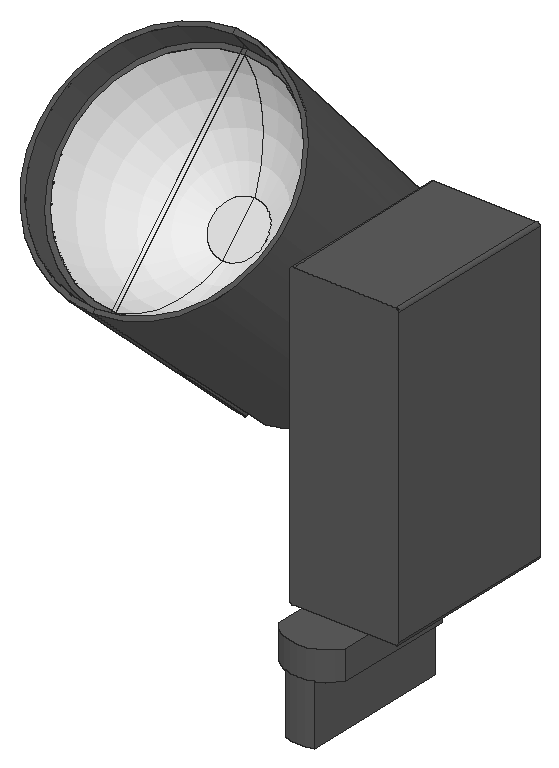
Revit family "0004857 Feilo Sylvania Lighting Fixture START TRACK SPOT L 55W 4K RA80 MB BLACK", category Lighting Fixtures, host Face, Revit 2017 (continued)
Definition of nested family "Start Track Spot Head"
  Types (96, lengths in mm): name | Wattage | built-in parameter 1150134 | Photometric Web File | Model | built-in parameter 1150105 | Lumens | built-in parameter 1150107 | built-in parameter 1150106 | HeadThickness_FEILO | HeadRibOffset_FEILO | HeadRibDepth_FEILO | HeadRibCutWidth_FEILO | HeadRibCutOffset_FEILO | HeadReflectorRadius_FEILO | HeadReflectorOffset_FEILO | HeadLEDRadius_FEILO | HeadHeight_FEILO | HeadDiffusorOffset_FEILO | HeadDiaOut_FEILO | HeadDiaIn_FEILO | HeadAxisFromTop_FEILO | Emit from Circle Diameter | built-in parameter 1150104 | Description | Apparent Load
    0004812 START TRACK SPOT S 14W 3K RA80 MB WHITE | 14 W | (empty or 0) | "0004812.ies" | "START TRACK SPOT S 14W 3K RA80 MB WHITE" | 120.32 (stored number, unit not read) | 1512 lm | 3000 (stored number, unit not read) | 1.2032 (stored number, unit not read) | 1.5 | 4.179 | 55.714 | 7.167 | 50.87 | 50.588 | 55.714 | 9.556 | 117 | 9.435 | 86 | 77.477 | 69.354 | 77.477 | 10.034 (stored number, unit not read) | "Integrated LED spotlight, Textured White - RAL9016, compact and minimalist design, ideal for retail applications, die-cast aluminium body, passive cooling heatsink. Beam angle: 36°, color temperature: 3000K , total system power: 14W, total fixture output: 1508 lm, LOR: 100%, colour rendering: Ra: 80 typical, LED Chromaticity: 3 step MacAdam ellipse, lifetime: >50000 hours at L70B50, energy class: A++, A+, A, IR/UV free light source without heat radiation, operating voltage: 220-240V / 50-60Hz, drive current: 350mA, electronic driver, non-dimmable, power factor: 0.92, electrical protection: Class II, Global Track 3 Phase adapter suitable for Global trac 3-circuit tracks, ingress protection rating: IP20, suitable for internal environment only, horizontal rotation: 355°, vertical tilt: 90°, dimensions: Ø86x140x200, weight: 0.940kg." | 14 VA
    0004811 START TRACK SPOT S 14W 3K RA80 NB WHITE | 14 W | (empty or 0) | "0004811.ies" | "START TRACK SPOT S 14W 3K RA80 NB WHITE" | 123.66 (stored number, unit not read) | 1554 lm | 3000 (stored number, unit not read) | 1.2366 (stored number, unit not read) | 1.5 | 4.179 | 55.714 | 7.167 | 50.87 | 50.588 | 55.714 | 9.556 | 117 | 9.435 | 86 | 77.477 | 69.354 | 77.477 | 10.312 (stored number, unit not read) | "Integrated LED spotlight, Textured White - RAL9016, compact and minimalist design, ideal for retail applications, die-cast aluminium body, passive cooling heatsink. Beam angle: 12°, color temperature: 3000K , total system power: 14W, total fixture output: 1551 lm, LOR: 100%, colour rendering: Ra: 80 typical, LED Chromaticity: 3 step MacAdam ellipse, lifetime: >50000 hours at L70B50, energy class: A++, A+, A, IR/UV free light source without heat radiation, operating voltage: 220-240V / 50-60Hz, drive current: 350mA, electronic driver, non-dimmable, power factor: 0.92, electrical protection: Class II, Global Track 3 Phase adapter suitable for Global trac 3-circuit tracks, ingress protection rating: IP20, suitable for internal environment only, horizontal rotation: 355°, vertical tilt: 90°, dimensions: Ø86x140x200, weight: 0.940kg." | 14 VA
  Reference planes
    plane 1 "Center (Front/Back)": y = 0
    plane 2: z = 0
    plane 3 "Center (Left/Right)": x = 0
    plane 4: x = 43
    plane 5: x = -43
    plane 6: x = -38.739
    plane 7: x = 38.739
    plane 8: z = 69.354
    plane 9: z = -47.646
    plane 10: x = -41.5
    plane 11: x = -37.239
    plane 12: z = -38.211
    plane 13: z = -35.211
    plane 14: z = 8.068
    plane 15: x = -9.556
    plane 16: x = -28.667
    plane 17: x = -19.111
    plane 18: x = -27.167
    plane 19: x = -17.611
    plane 20: x = -8.056
    plane 21: z = 13.64
    plane 22: x = -29.667
    plane 23: x = -26.167
    plane 24: x = -20.111
    plane 25: x = -16.611
    plane 26: x = -10.556
    plane 27: x = -7.056
    plane 28: x = -36.239
    plane 29: x = -40.5
    plane 30: z = 65.175
    plane 31: z = 60.997
    plane 32: z = 56.818
    plane 33: z = 18.484
    plane 34: y = -43
    plane 35: y = 43
    plane 36: y = 3.583
    plane 37: y = -3.583
    plane 38: y = -2.583
    plane 39: y = 2.583
    plane 40: y = 46
    plane 41: z = 13.5
    plane 42: z = -13.5
    plane 43: y = 39
    plane 44: x = 4.708
    plane 45: x = -2.458
    plane 46: x = -1.458
    plane 47: x = 1.458
  Forms (mm)
    Extrusion 1, solid
      sketch origin (4.2, 0, 0) x (1, 0, 0) y (0, 1, 0)
        loop
          line (-1219.2, 1219.2) -> (-1219.2, -1219.2) -> (1219.2, -1219.2) -> (1219.2, 1219.2) -> (-1219.2, 1219.2)
      from 0 to -68.017
    Revolve 2, solid, material <- "Material_1_FEILO", detail levels medium+fine
      sketch origin (0, 0, 0) x (1, 0, 0) y (0, 0, 1)
        loop
          line (-43, -47.646) -> (-41.5, -47.646) -> (-40.5, -35.211) -> (-38.739, -35.211)
          arc (-38.739, -35.211) -> (-30.16, -9.517) -> (-9.556, 8.068) r 50.588
          line (-9.556, 8.068) -> (0, 8.068) -> (0, 13.64) -> (-16.611, 13.64) -> (-17.611, 60.997) -> (-19.111, 60.997) -> (-20.111, 13.64) -> (-36.239, 13.64) -> (-37.239, 69.354) -> (-38.739, 69.354) -> (-43, -47.646)
        axis (0, 69.354) -> (0, -47.646)
      angle from 360 to 0
    Extrusion 3, void
      sketch origin (0, 0, 0) x (0, 1, 0) y (0, 0, 1)
        loop
          line (-3.583, 69.354) -> (-2.583, 18.484) -> (1.932, 18.484) -> (2.932, 69.354) -> (-3.583, 69.354)
      from 43 to -43
    Revolve 4, solid, material <- "Material_2_FEILO", detail levels medium+fine
      sketch origin (0, 0, 0) x (1, 0, 0) y (0, 0, 1)
        loop
          line (-41.5, -38.211) -> (0, -38.211) -> (0, -35.211) -> (-41.5, -35.211) -> (-41.5, -38.211)
        axis (0, -35.211) -> (0, -38.211)
      angle from 360 to 0
    Revolve 5, solid, material <- "Material_1_FEILO"
      sketch origin (0, 0, 0) x (0, 1, 0) y (0, 0, 1)
        loop
          line (46, 0) -> (39, 0) -> (39, -13.5) -> (46, -13.5) -> (46, 0)
        axis (39, 0) -> (46, 0)
      angle from 360 to 0
    Revolve 6, solid, material <- "Material_1_FEILO", detail levels medium+fine
      sketch origin (0, 0, 0) x (1, 0, 0) y (0, 0, 1)
        loop
          line (-29.667, 13.64) -> (-26.167, 13.64) -> (-27.167, 65.175) -> (-28.667, 65.175) -> (-29.667, 13.64)
        loop
          line (-10.556, 13.64) -> (-7.056, 13.64) -> (-7.833, 56.818) -> (-9.778, 56.818) -> (-10.556, 13.64)
        axis (0, 65.175) -> (0, 13.64)
      angle from 360 to 0
    Extrusion 7, void
      sketch origin (0, 0, 0) x (1, 0, 0) y (0, 0, 1)
        loop
          line (4.708, 69.354) -> (-2.458, 69.354) -> (-1.458, 13.64) -> (1.458, 13.64) -> (4.708, 69.354)
      from -43 to 43
    Revolve 8, solid, material <- "Material_1_FEILO", detail levels coarse
      sketch origin (0, 0, 0) x (1, 0, 0) y (0, 0, 1)
        loop
          line (0, 69.354) -> (-38.739, 69.354) -> (-43, -47.646) -> (-41.5, -47.646) -> (-40.731, -38.211) -> (0, -38.211) -> (0, 69.354)
        axis (0, 69.354) -> (0, -47.646)
      angle from 360 to 0
  Cuts and joins
    Extrusion 3 cuts Revolve 2
    Extrusion 7 cuts Revolve 6
  Dimensions and locks
    equal spacing: plane 7, plane 3 "Center (Left/Right)", plane 6
    equal spacing: plane 4, plane 3 "Center (Left/Right)", plane 5
    "HeadDiaOut_FEILO": plane 4 to plane 5
    "HeadDiaIn_FEILO": plane 7 to plane 6
    "HeadHeight_FEILO": plane 8 to plane 9
    "HeadThickness_FEILO": plane 10 to plane 5
    "HeadThickness_FEILO": plane 11 to plane 6
    "HeadDiffusorOffset_FEILO": plane 12 to plane 9
    "HeadDiffusorThickness_FEILO": plane 13 to plane 12
    "HeadReflectorOffset_FEILO": plane 14 to plane 9
    "HeadLEDRadius_FEILO": plane 3 "Center (Left/Right)" to plane 15
    "HeadLEDRadius_FEILO": plane 15 to plane 17
    "HeadLEDRadius_FEILO": plane 17 to plane 16
    "HeadThickness_FEILO": plane 18 to plane 16
    "HeadThickness_FEILO": plane 19 to plane 17
    "HeadThickness_FEILO": plane 20 to plane 15
    "HeadRibDepth_FEILO": plane 8 to plane 21
    "HeadDraft_FEILO": plane 16 to plane 22
    "HeadDraft_FEILO": plane 23 to plane 18
    "HeadDraft_FEILO": plane 17 to plane 24
    "HeadDraft_FEILO": plane 25 to plane 19
    "HeadDraft_FEILO": plane 15 to plane 26
    "HeadDraft_FEILO": plane 27 to plane 20
    "HeadDraft_FEILO": plane 29 to plane 10
    "HeadDraft_FEILO": plane 28 to plane 11
    "HeadRibOffset_FEILO": plane 8 to plane 30
    "HeadRibOffset_FEILO": plane 30 to plane 31
    "HeadRibOffset_FEILO": plane 31 to plane 32
    "HeadAxisFromTop_FEILO": plane 8 to plane 2
    "HeadRibCutOffset_FEILO": plane 8 to plane 33
    equal spacing: plane 34, plane 1 "Center (Front/Back)", plane 35
    "HeadDiaOut_FEILO": plane 34 to plane 35
    equal spacing: plane 38, plane 1 "Center (Front/Back)", plane 39
    equal spacing: plane 37, plane 1 "Center (Front/Back)", plane 36
    "HeadRibCutWidth_FEILO": plane 37 to plane 36
    "HeadDraft_FEILO": plane 37 to plane 38
    locked: plane 35 to plane 40 at 3
    equal spacing: plane 41, plane 2, plane 42
    locked: plane 42 to plane 41 at 27
    locked: plane 43 to plane 35 at 4
    equal spacing: plane 45, imposter light, plane 44
    "HeadDraft_FEILO": plane 46 to plane 45
    "HeadRibCutWidth_FEILO": plane 44 to plane 45
    equal spacing: plane 47, plane 3 "Center (Left/Right)", plane 46
    "HeadReflectorRadius_FEILO": radius of Revolve 2 sketch curve
    aligned and locked: plane 2 to Extrusion 1
    aligned and locked: level to Extrusion 1
    aligned and locked: Revolve 2 sketch curve to plane 3 "Center (Left/Right)"  (x2)
    aligned and locked: plane 9 to Revolve 2 sketch curve  (x2)
    aligned and locked: plane 5 to Revolve 2 sketch curve
    aligned and locked: plane 10 to Revolve 2 sketch curve
    aligned and locked: plane 14 to Revolve 2 sketch curve
    aligned and locked: plane 8 to Revolve 2 sketch curve
    aligned and locked: Revolve 2 sketch curve to plane 13
    aligned and locked: plane 12 to Revolve 4 sketch curve
    aligned and locked: plane 3 "Center (Left/Right)" to Revolve 4 sketch curve
    aligned and locked: Revolve 4 sketch curve to plane 10
    aligned and locked: Revolve 4 sketch curve to plane 3 "Center (Left/Right)"
    aligned and locked: plane 12 to imposter light
    aligned and locked: imposter light to plane 1 "Center (Front/Back)"
    aligned and locked: Revolve 5 sketch curve to plane 2
    aligned and locked: plane 43 to Revolve 5 sketch curve
    aligned and locked: plane 42 to Revolve 5 sketch curve
    aligned and locked: Revolve 6 sketch curve to plane 3 "Center (Left/Right)"
    aligned and locked: plane 22 to Revolve 6 sketch curve
    aligned and locked: plane 30 to Revolve 6 sketch curve
    aligned and locked: plane 23 to Revolve 6 sketch curve
    aligned and locked: Revolve 6 sketch curve to plane 21  (x2)
    aligned and locked: plane 21 to Revolve 6 sketch curve
    aligned and locked: plane 17 to Revolve 2 sketch curve
    aligned and locked: plane 19 to Revolve 2 sketch curve
    aligned and locked: plane 31 to Revolve 2 sketch curve
    aligned and locked: plane 21 to Revolve 2 sketch curve
    aligned and locked: Extrusion 3 to plane 8
    aligned and locked: plane 33 to Extrusion 3
    aligned and locked: plane 8 to Extrusion 3 sketch curve
    aligned and locked: Extrusion 3 sketch curve to plane 33
    aligned and locked: Extrusion 3 to plane 5
    aligned and locked: plane 4 to Extrusion 3
    aligned and locked: plane 32 to Revolve 6 sketch curve
    aligned and locked: plane 44 to Extrusion 7 sketch curve
    aligned and locked: Extrusion 7 sketch curve to plane 8
    aligned and locked: plane 46 to Extrusion 7 sketch curve
    aligned and locked: plane 21 to Extrusion 7 sketch curve
    aligned and locked: plane 34 to Extrusion 7
    aligned and locked: Extrusion 7 to plane 35
    aligned and locked: Revolve 4 sketch curve to plane 13
    aligned and locked: Revolve 5 sketch curve to plane 40
    aligned and locked: Revolve 8 sketch curve to plane 3 "Center (Left/Right)"
    aligned and locked: Revolve 8 sketch curve to cut or joined group of Revolve 2, Extrusion 3  (x3)
    aligned and locked: plane 5 to Revolve 8 sketch curve
    aligned and locked: plane 3 "Center (Left/Right)" to Revolve 8 sketch curve
    aligned and locked: plane 12 to Revolve 8 sketch curve
  Automatic sketch dimensions
    Extrusion 1 sketch curve to Extrusion 1 sketch curve = 2438.4 mm  (x2)
    Extrusion 3 sketch curve to plane 37 = 0 mm
    Extrusion 3 sketch curve to plane 38 = 0 mm
    plane 39 to Extrusion 3 sketch curve = 0.651 mm
    Extrusion 3 sketch curve to plane 39 = 0.349 mm
    Revolve 6 sketch curve to plane 16 = 0 mm
    Revolve 6 sketch curve to plane 18 = 0 mm
    Revolve 6 sketch curve to plane 26 = 0 mm
    Revolve 6 sketch curve to plane 27 = 0 mm
    Revolve 6 sketch curve to plane 15 = 0.222 mm
    plane 9 to Revolve 6 sketch curve = 559.103 mm
    Revolve 6 sketch curve to plane 8 = 2535.555 mm
    plane 20 to Revolve 6 sketch curve = 0.222 mm
    Revolve 2 sketch curve to plane 29 = 0 mm
    Revolve 2 sketch curve to plane 6 = 0 mm  (x2)
    Revolve 2 sketch curve to plane 11 = 0 mm
    Revolve 2 sketch curve to plane 21 = 0 mm
    Revolve 2 sketch curve to plane 28 = 0 mm
    Revolve 2 sketch curve to plane 24 = 0 mm
    Revolve 2 sketch curve to plane 25 = 0 mm
    Revolve 2 sketch curve to plane 15 = 0 mm
    Revolve 2 sketch curve to Revolve 2 sketch curve = 557.155 mm
    Revolve 2 sketch curve to plane 8 = 2535.558 mm
    Extrusion 7 sketch curve to plane 45 = 0 mm
    Extrusion 7 sketch curve to plane 47 = 0 mm
    plane 9 to Revolve 4 sketch curve = 559.103 mm
    Revolve 4 sketch curve to plane 8 = 2535.555 mm
    Revolve 5 sketch curve to level = 0 mm
    plane 34 to Revolve 5 sketch curve = 1968.092 mm
    Revolve 5 sketch curve to plane 40 = 1405.763 mm
    Revolve 8 sketch curve to plane 6 = 0 mm
    Revolve 8 sketch curve to plane 29 = 0.231 mm
    plane 9 to Revolve 8 sketch curve = 559.103 mm
    Revolve 8 sketch curve to Revolve 8 sketch curve = 2535.555 mm
Definition of nested family "Start Track Spot Box"
  Parameters (values of type "Type Large White")
    URL = "http://www.feilosylvania.com"
    Type Image = (empty or 0)
    Type Comments = "n/a"
    Small_FEILO = no
    Material_3_FEILO = none
    Model = ""
    Manufacturer = "Feilo Sylvania"
    Keynote = ""
    Material_2_FEILO = none
    Description = ""
    Default Elevation = 1219.2 mm
    Cost = 0
    Material_1_FEILO = none
    BoxWidth_FEILO = 49 mm
    BoxStartAngle_FEILO [instance] = 0.00°
    BoxRadius_FEILO = 1.5 mm
    BoxHeight_FEILO = if(Small_FEILO, 112 mm, 136 mm)  # 136 mm
    BoxEndAngle_FEILO [instance] = BoxStartAngle_FEILO - 180.00°  # -180.00°
    BoxDepth_FEILO = if(Small_FEILO, 71.5 mm, 79 mm)  # 79 mm
    BoxAxisVerticalOffset_FEILO = 16 mm
    BoxAxisOffset_FEILO = BoxHeight_FEILO / 6.8  # 20 mm
    Assembly Code = ""
    Material_4_FEILO = none
  Types (4, lengths in mm): name | Small_FEILO | BoxHeight_FEILO | BoxDepth_FEILO | BoxAxisOffset_FEILO
    Type Large White | no | 136 | 79 | 20
    Type Small White | yes | 112 | 71.5 | 16.471
    Type Small Black | yes | 112 | 71.5 | 16.471
    Type Large Black | no | 136 | 79 | 20
  Reference planes
    plane 1 "Center (Front/Back)": y = 0
    plane 2: z = 0
    plane 3 "Center (Left/Right)": x = 0
    plane 4: x = 24.5
    plane 5: x = -24.5
    plane 6: y = 68
    plane 7: y = -68
    plane 8: z = 39.5
    plane 9: z = -39.5
    plane 10: y = -48
    plane 11: x = 30.5
    plane 12: x = 8.5
    plane 13: x = 21.5
    plane 14: y = 70
    plane 15: y = 72
    plane 16: x = 19.5
  Forms (mm)
    Extrusion 1, solid
      sketch origin (4.2, 0, 0) x (1, 0, 0) y (0, 1, 0)
        loop
          line (-1219.2, 1219.2) -> (-1219.2, -1219.2) -> (1219.2, -1219.2) -> (1219.2, 1219.2) -> (-1219.2, 1219.2)
      from 0 to -68.017
    Extrusion 2, solid, material <- "Material_1_FEILO"
      sketch origin (0, 0, 0) x (1, 0, 0) y (0, 1, 0)
        loop
          arc (-23, 68) -> (-24.061, 67.561) -> (-24.5, 66.5) r 1.5
          line (-24.5, 66.5) -> (-24.5, -66.5)
          arc (-24.5, -66.5) -> (-24.061, -67.561) -> (-23, -68) r 1.5
          line (-23, -68) -> (23, -68)
          arc (23, -68) -> (24.061, -67.561) -> (24.5, -66.5) r 1.5
          line (24.5, -66.5) -> (24.5, 66.5)
          arc (24.5, 66.5) -> (24.061, 67.561) -> (23, 68) r 1.5
          line (23, 68) -> (-23, 68)
      from -39.5 to 39.5
    Revolve 3, solid, not visible
      sketch origin (0, 0, 0) x (1, 0, 0) y (0, 1, 0)
        loop
          line (30.5, -48) -> (24.5, -48) -> (24.5, -68) -> (30.5, -68) -> (30.5, -48)
        axis (30.5, -48) -> (24.5, -48)
      angle from 0 <- "BoxStartAngle_FEILO" to -180 <- "BoxEndAngle_FEILO"
    Revolve 4, solid, material <- "Material_2_FEILO"
      sketch origin (0, 0, 0) x (1, 0, 0) y (0, 1, 0)
        loop
          line (8.5, 68) -> (19.5, 68) -> (19.5, 70) -> (21.5, 70) -> (21.5, 72) -> (8.5, 72) -> (8.5, 68)
        axis (8.5, 72) -> (8.5, 68)
      angle from 360 to 0
  Dimensions and locks
    equal spacing: plane 5, plane 3 "Center (Left/Right)", plane 4
    "BoxWidth_FEILO": plane 5 to plane 4
    equal spacing: plane 7, plane 1 "Center (Front/Back)", plane 6
    "BoxHeight_FEILO": plane 7 to plane 6
    equal spacing: plane 8, plane 2, plane 9
    "BoxDepth_FEILO": plane 8 to plane 9
    "BoxAxisOffset_FEILO": plane 7 to plane 10
    locked: plane 4 to plane 11 at 6
    "BoxAxisVerticalOffset_FEILO": plane 12 to plane 4
    locked: plane 12 to plane 13 at 13
    plane 6 to plane 14 to plane 15 = 2 mm locked, 2 mm locked
    locked: plane 12 to plane 16 at 11
    "BoxRadius_FEILO": radius of Extrusion 2 sketch curve  (x4)
    aligned and locked: plane 2 to Extrusion 1
    aligned and locked: level to Extrusion 1
    aligned and locked: plane 6 to Extrusion 2 sketch curve
    aligned and locked: plane 5 to Extrusion 2 sketch curve
    aligned and locked: Extrusion 2 sketch curve to plane 7
    aligned and locked: Extrusion 2 sketch curve to plane 4
    aligned and locked: Extrusion 2 to plane 8
    aligned and locked: plane 9 to Extrusion 2
    aligned and locked: Revolve 3 sketch curve to plane 10  (x2)
    aligned and locked: plane 11 to Revolve 3 sketch curve
    aligned and locked: Revolve 3 sketch curve to plane 4
    aligned and locked: plane 7 to Revolve 3 sketch curve
    aligned and locked: Revolve 4 sketch curve to plane 12
    aligned and locked: plane 6 to Revolve 4 sketch curve
    aligned and locked: plane 12 to Revolve 4 sketch curve
    aligned and locked: plane 15 to Revolve 4 sketch curve
    aligned and locked: Revolve 4 sketch curve to plane 13
    aligned and locked: Revolve 4 sketch curve to plane 14
    aligned and locked: Revolve 4 sketch curve to plane 16
    aligned and locked: Revolve 4 sketch curve to plane 6
  Automatic sketch dimensions
    Extrusion 1 sketch curve to Extrusion 1 sketch curve = 2438.4 mm  (x2)
    Revolve 3 sketch curve to plane 5 = 1499.5 mm
    plane 11 to Revolve 3 sketch curve = 1493.5 mm
    plane 15 to Revolve 4 sketch curve = 0 mm
    plane 7 to Revolve 4 sketch curve = 1456 mm
    Revolve 4 sketch curve to plane 15 = 1452 mm
